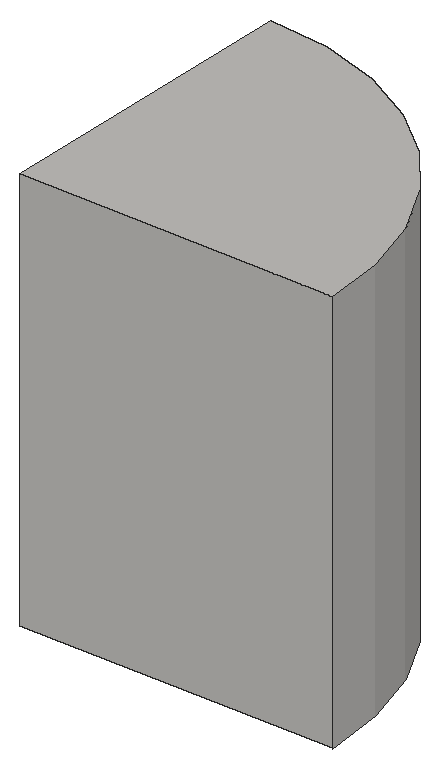
Revit family "Bench_Curved_Noble", category Specialty Equipment, host Face, Revit 2016
Family settings
  Host = Face
  Part Type = Normal
  Round Connector Dimension = Use Diameter
  OmniClass Number = 23.45.55.21
  OmniClass Title = Drains (Wastes)
  Cut with Voids When Loaded = No
  Shared = No
  Room Calculation Point = No
Parameters (values of type "Curved #406")
  Width = 32 1/2"
  URL = "www.noblecompany.com"
  Type Comments = ""
  Triangle = yes
  Tile [instance] = Stainless Steel - Brushed
  Radius = 15 1/2"
  Product Properties = "http://www.noblecompany.com/Portals/0/PRODUCT%20INFO/Product%20Descriptions/FreeStyle%20Linear%20Drain%20Product%20Decription%200410.pdf"
  Product Data = "http://www.noblecompany.com/Products/ShowerProducts/tabid/59/Default.aspx"
  Model = ""
  Manufacturer Phone - Toll Free = "800-878-5788"
  Manufacturer Phone = "231-799-8000"
  Manufacturer Fax = "231-799-8850"
  Manufacturer Email = "mailto:sales@noblecompany.com"
  Manufacturer Address = "7300 Enterprise Drive, Spring Lake, MI  49456 USA"
  Manufacturer = "Noble Company"
  Length = 32 1/2"
  Installation-Fabrication = "http://www.noblecompany.com/Portals/0/PRODUCT%20INFO/Product%20Descriptions/FreeStyle%20Linear%20Drain%20Product%20Decription%200410.pdf"
  Height = 20"
  Description = ""
  Building Codes = "http://www.noblecompany.com/Portals/0/TECHNICAL%20INFO/Listing_Testing_Certification_Reports/PMG-1065%20Noble%20Company%20Linear%20Drain%20final%202.pdf"
  Base = Polymer coated Expanded Polystyrene
  Assembly Code = "D2030300"
  Default Elevation = 0"
Reference planes (in)
  plane 1 "Center (Front/Back)": y = 0
  plane 2: z = 0
  plane 3 "Center (Left/Right)": x = 0
  plane 4: x = 15.5
  plane 5: y = 15.5
  plane 6: z = 20
Forms (in)
  Extrusion 1, solid, material "Polymer coated Expanded Polystyrene" <- "Base"
    sketch origin (0, 0, 0) x (1, 0, 0) y (0, 1, 0)
      loop
        line (0, 0) -> (15.5, 0)
        arc (15.5, 0) -> (10.96016, 10.96016) -> (0, 15.5) r 15.5
        line (0, 15.5) -> (0, 0)
    from 0 to 20
Dimensions and locks (in)
  "Height": plane 6 to level
  "Radius": plane 1 "Center (Front/Back)" to plane 5
  "Radius": plane 3 "Center (Left/Right)" to plane 4
  aligned and locked: plane 2 to host face
  aligned and locked: level to host face
  aligned and locked: plane 1 "Center (Front/Back)" to Extrusion 1 sketch curve
  aligned and locked: plane 6 to Extrusion 1
Automatic sketch dimensions
  host sketch curve to host sketch curve = 56 1/2"
  host sketch curve to host sketch curve = 49.54642"
  Extrusion 1 sketch curve to plane 3 "Center (Left/Right)" = 0"
  Extrusion 1 sketch curve to plane 4 = 0"
